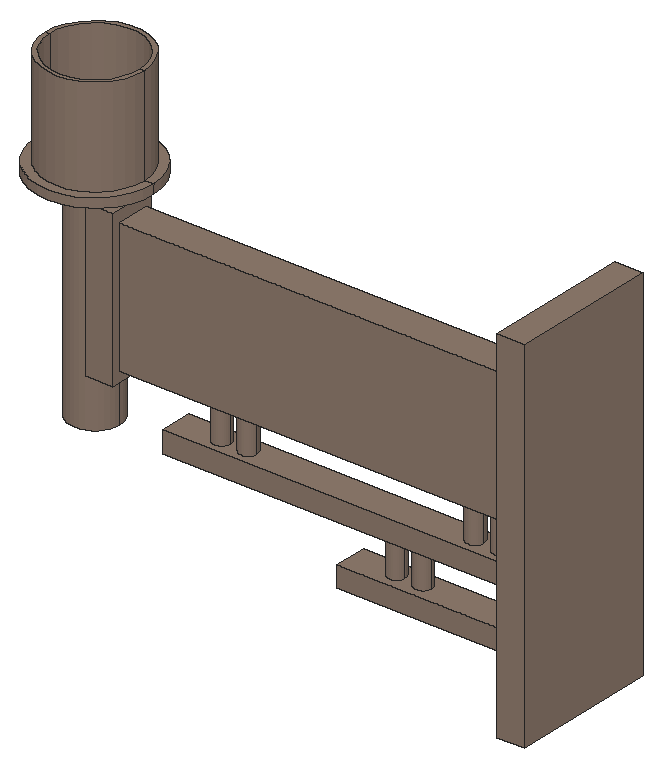
Revit family "WM223", category Generic Models, Revit 2014
Parameters
  WALL MOUNT = Bronze, Architectural
  ARM = Bronze, Architectural
Reference planes (in)
  plane 1 "Center (Front/Back)": y = 0
  plane 2: z = 0
  plane 3 "Center (Left/Right)": x = 0
  plane 4: y = 0.5
  plane 5: y = -0.5
Forms (in)
  Revolve 1, solid, material "Bronze, Architectural" <- "ARM"
    sketch origin (0, 0, 0) x (1, 0, 0) y (0, 0, 1)
      loop
        line (-14.90923, 15.77094) -> (-14.90923, 25.71216) -> (-16.41636, 25.71216) -> (-16.41636, 22.71216) -> (-16.7021, 22.71216) -> (-16.7021, 22.43091) -> (-15.67463, 22.43091) -> (-15.67463, 15.77094) -> (-14.90923, 15.77094)
      axis (-14.90923, 25.71216) -> (-14.90923, 15.77094)
    angle from 0 to 360
  Extrusion 2, solid, material "Bronze, Architectural" <- "WALL MOUNT"
    sketch origin (0, 0, 0) x (1, 0, 0) y (0, 0, 1)
      loop
        line (0, 12.87803) -> (0, 23.91072) -> (-0.84375, 23.91072) -> (-0.84375, 12.87803) -> (0, 12.87803)
    from -2.25 to 2.25
  Extrusion 3, solid, material "Bronze, Architectural" <- "WALL MOUNT"
    sketch origin (0, 0, 0) x (1, 0, 0) y (0, 0, 1)
      loop
        line (-0.84375, 17.25843) -> (-0.84375, 21.98527) -> (-1.18125, 21.98527) -> (-1.18125, 17.25843) -> (-0.84375, 17.25843)
    from -0.71875 to 0.71875
  Extrusion 4, solid, material "Bronze, Architectural" <- "ARM"
    sketch origin (0, 0, 0) x (1, 0, 0) y (0, 0, 1)
      loop
        line (-13.79208, 21.98527) -> (-14.68125, 21.98527) -> (-14.68125, 17.25843) -> (-13.79208, 17.25843) -> (-13.79208, 21.98527)
    from -0.71875 to 0.71875
  Extrusion 5, solid, material "Bronze, Architectural" <- "ARM"
    sketch origin (0, 0, 0) x (1, 0, 0) y (0, 0, 1)
      loop
        line (-1.18125, 17.59685) -> (-1.18125, 21.64685) -> (-13.79208, 21.64685) -> (-13.79208, 17.59685) -> (-1.18125, 17.59685)
    from -0.5 to 0.5
  Extrusion 6, solid, material "Bronze, Architectural" <- "ARM"
    sketch origin (0, 0, 0) x (1, 0, 0) y (0, 0, 1)
      loop
        line (-1.21075, 15.79821) -> (-1.21075, 16.43366) -> (-12.44803, 16.43366) -> (-12.44803, 15.79821) -> (-1.21075, 15.79821)
    from -0.5 to 0.5
  Extrusion 7, solid, material "Bronze, Architectural" <- "ARM"
    sketch origin (0, 0, 0) x (1, 0, 0) y (0, 0, 1)
      loop
        line (-1.21075, 13.99958) -> (-1.21075, 14.63502) -> (-7.11775, 14.63502) -> (-7.11775, 13.99958) -> (-1.21075, 13.99958)
    from -0.5 to 0.5
  Revolve 8, solid, material "Bronze, Architectural" <- "ARM"
    sketch origin (-2.40238, 0, -1.79864) x (1, 0, 0) y (0, 0, 1)
      loop
        line (-2.757, 16.43366) -> (-2.492, 16.43366) -> (-2.492, 17.59685) -> (-2.757, 17.59685) -> (-2.757, 16.43366)
      axis (-2.492, 17.59685) -> (-2.492, 16.43366)
    angle from 0 to 360
  Revolve 9, solid, material "Bronze, Architectural" <- "ARM"
    sketch origin (-0.812, 0, 0) x (1, 0, 0) y (0, 0, 1)
      loop
        line (-2.757, 16.43366) -> (-2.492, 16.43366) -> (-2.492, 17.59685) -> (-2.757, 17.59685) -> (-2.757, 16.43366)
      axis (-2.492, 17.59685) -> (-2.492, 16.43366)
    angle from 0 to 360
  Revolve 10, solid, material "Bronze, Architectural" <- "ARM"
    sketch origin (-7.73802, 0, 0) x (1, 0, 0) y (0, 0, 1)
      loop
        line (-2.757, 16.43366) -> (-2.492, 16.43366) -> (-2.492, 17.59685) -> (-2.757, 17.59685) -> (-2.757, 16.43366)
      axis (-2.492, 17.59685) -> (-2.492, 16.43366)
    angle from 0 to 360
  Revolve 11, solid, material "Bronze, Architectural" <- "ARM"
    sketch origin (-8.55002, 0, 0) x (1, 0, 0) y (0, 0, 1)
      loop
        line (-2.757, 16.43366) -> (-2.492, 16.43366) -> (-2.492, 17.59685) -> (-2.757, 17.59685) -> (-2.757, 16.43366)
      axis (-2.492, 17.59685) -> (-2.492, 16.43366)
    angle from 0 to 360
  Revolve 12, solid, material "Bronze, Architectural" <- "ARM"
    sketch origin (0, 0, 0) x (1, 0, 0) y (0, 0, 1)
      loop
        line (-2.757, 16.43366) -> (-2.492, 16.43366) -> (-2.492, 17.59685) -> (-2.757, 17.59685) -> (-2.757, 16.43366)
      axis (-2.492, 17.59685) -> (-2.492, 16.43366)
    angle from 0 to 360
  Revolve 13, solid, material "Bronze, Architectural" <- "ARM"
    sketch origin (-3.2152, 0, -1.79864) x (1, 0, 0) y (0, 0, 1)
      loop
        line (-2.757, 16.43366) -> (-2.492, 16.43366) -> (-2.492, 17.59685) -> (-2.757, 17.59685) -> (-2.757, 16.43366)
      axis (-2.492, 17.59685) -> (-2.492, 16.43366)
    angle from 0 to 360
  Revolve 14, void
    sketch origin (0, 0, 0) x (1, 0, 0) y (0, 0, 1)
      loop
        line (-14.90923, 22.96216) -> (-14.90923, 25.71216) -> (-16.29136, 25.71216) -> (-16.29136, 22.96216) -> (-14.90923, 22.96216)
      axis (-14.90923, 25.71216) -> (-14.90923, 22.96216)
    angle from 0 to 360
Cuts and joins
  Revolve 14 cuts Revolve 1
Lines and regions (in)
  model lines
    curve 1: line (-2.227, 0, 17.59685) -> (-2.757, 0, 17.59685)
Dimensions and locks (in)
  aligned and locked: plane 2 to level
